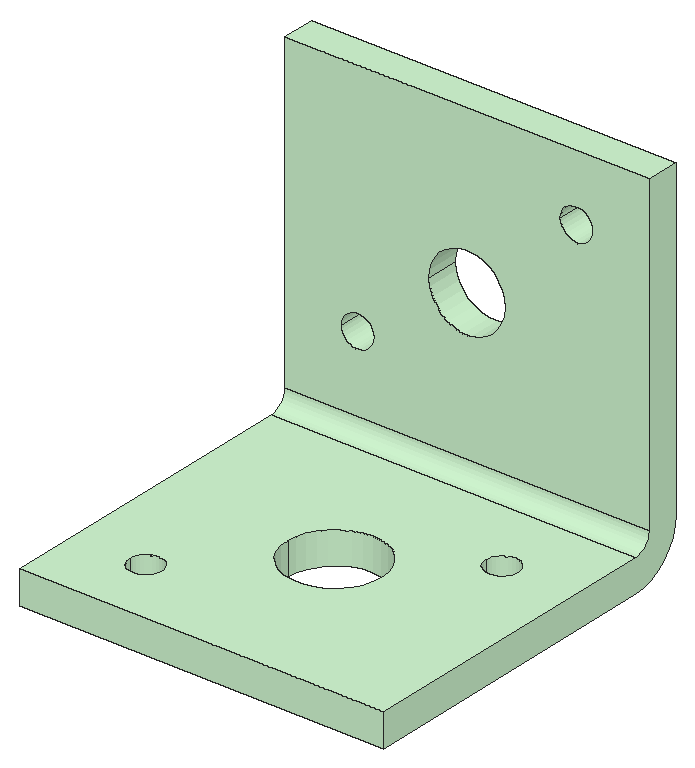
Revit family "l4-5x50x50", category 機械設備, Revit 2022
Family settings
  丸型コネクタ寸法 = 直径を使用
  種別 = なし
  パーツ タイプ = 標準
  作業面ベース = いいえ
  常に垂直 = はい
  ロード時にボイドで切り取り = いいえ
  注釈の向きを維持 = いいえ
  共有 = いいえ
  部屋計算ポイント = いいえ
Parameters
  製造元 = "株式会社桐井製作所"
  既定の高さ = 0 mm
  URL = "https://www.kirii.co.jp/"
  K_品名 = "L-t4.5×50×50L"
  K_名称 = "その他金物"
  K_入数 = "100"
  K_バージョン情報 = "20210524"
Reference planes
  plane 1 "中心(正面/背面)": y = 0
  plane 2: z = 0
  plane 3 "中心(左/右)": x = 0
Forms (mm)
  Extrusion 1, solid
    sketch origin (0, 0, 0) x (0, 1, 0) y (0, 0, 1)
      loop
        line (-4.5, 50) -> (-4.5, 6.8)
        arc (-4.5, 6.8) -> (-5.174, 5.174) -> (-6.8, 4.5) r 2.3
        line (-6.8, 4.5) -> (-50, 4.5) -> (-50, 0) -> (-6.8, 0)
        arc (-6.8, 0) -> (-1.992, 1.992) -> (0, 6.8) r 6.8
        line (0, 6.8) -> (0, 50) -> (-4.5, 50)
    from -25 to 25
  Extrusion 2, void
    sketch origin (0, 0, 0) x (1, 0, 0) y (0, 1, 0)
      loop
        circle (0, -27.25) r 6.5
      loop
        circle (15, -17.25) r 2.25
      loop
        circle (-15, -40.9) r 2.25
    from 0 to 4.5
  Extrusion 3, void
    sketch origin (-25, 0, 0) x (1, 0, 0) y (0, 0, 1)
      loop
        circle (25, 27.25) r 5.25
      loop
        circle (40, 40.9) r 2.25
      loop
        circle (10, 17.25) r 2.25
    from 0 to 4.5
Cuts and joins
  Extrusion 2, Extrusion 3 cuts Extrusion 1
Dimensions and locks
  aligned and locked: level to plane 2
